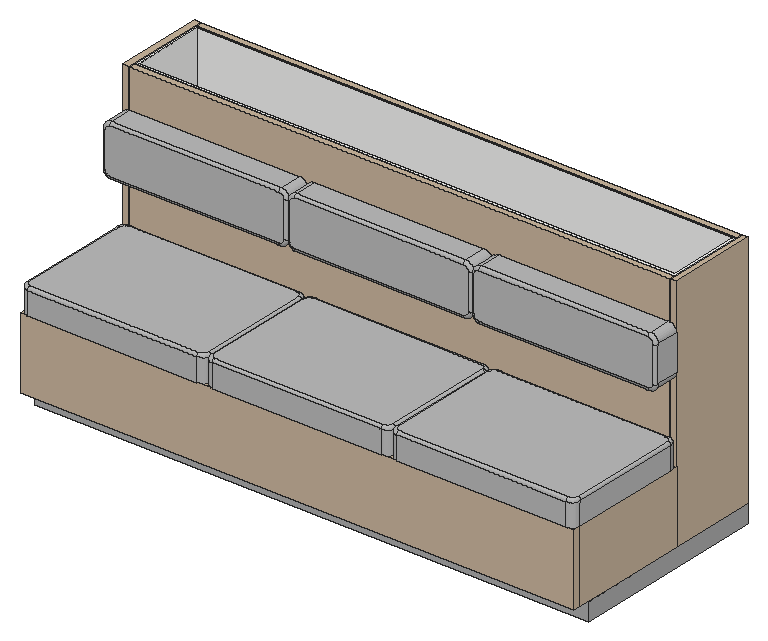
Revit family "Booth con Jardinera", category Sistemas de mobiliario, Revit 2024 (continued)
Automatic sketch dimensions
  Extrusion 56 sketch curve to Extrusion 56 sketch curve = 30.023 mm  (x2)
  Extrusion 56 sketch curve to Extrusion 56 sketch curve = 660.068 mm
  Extrusion 56 sketch curve to Extrusion 56 sketch curve = 0 mm
  Extrusion 56 sketch curve to Extrusion 56 sketch curve = 29.797 mm
  Extrusion 56 sketch curve to Extrusion 56 sketch curve = 439.955 mm
  Sweep 57 sketch curve to Sweep 57 sketch curve = 29.91 mm
  Sweep 57 sketch curve to Sweep 57 sketch curve = 30.023 mm  (x2)
  Sweep 57 sketch curve to Sweep 57 sketch curve = 0.113 mm  (x2)
  Sweep 57 sketch curve to Sweep 57 sketch curve = 30.135 mm
  Sweep 57 sketch curve to Sweep 57 sketch curve = 659.955 mm
  Sweep 57 sketch curve to Sweep 57 sketch curve = 0 mm  (x3)
  Sweep 57 sketch curve to Sweep 57 sketch curve = 29.797 mm
  Sweep 57 sketch curve to Sweep 57 sketch curve = 439.955 mm
  profile plane to Sweep 57 sketch curve = 0 mm  (x2)
  Sweep 57 sketch curve to profile plane = 10.607 mm
  profile plane to Sweep 57 sketch curve = 439.393 mm
  Sweep 57 sketch curve to Sweep 57 sketch curve = 10.607 mm
  Extrusion 50 sketch curve to Extrusion 50 sketch curve = 29.91 mm
  Extrusion 50 sketch curve to Extrusion 50 sketch curve = 0.113 mm  (x3)
  Extrusion 50 sketch curve to Extrusion 50 sketch curve = 30.023 mm  (x2)
  Extrusion 50 sketch curve to Extrusion 50 sketch curve = 660.068 mm
  Extrusion 50 sketch curve to Extrusion 50 sketch curve = 0 mm
  Extrusion 50 sketch curve to Extrusion 50 sketch curve = 29.797 mm
  Extrusion 50 sketch curve to Extrusion 50 sketch curve = 139.955 mm
  Extrusion 48 sketch curve to Extrusion 48 sketch curve = 29.91 mm
  Extrusion 48 sketch curve to Extrusion 48 sketch curve = 0.113 mm  (x3)
  Extrusion 48 sketch curve to Extrusion 48 sketch curve = 30.023 mm  (x2)
  Extrusion 48 sketch curve to Extrusion 48 sketch curve = 660.068 mm
  Extrusion 48 sketch curve to Extrusion 48 sketch curve = 0 mm
  Extrusion 48 sketch curve to Extrusion 48 sketch curve = 29.797 mm
  Extrusion 48 sketch curve to Extrusion 48 sketch curve = 139.955 mm
  Sweep 59 sketch curve to profile plane = 0 mm  (x2)
  Sweep 59 sketch curve to profile plane = 10.607 mm
  profile plane to Sweep 59 sketch curve = 439.393 mm
  Sweep 59 sketch curve to Sweep 59 sketch curve = 10.607 mm
  Sweep 59 sketch curve to Sweep 59 sketch curve = 0 mm  (x3)
  Sweep 59 sketch curve to Sweep 59 sketch curve = 29.91 mm
  Sweep 59 sketch curve to Sweep 59 sketch curve = 30.023 mm  (x2)
  Sweep 59 sketch curve to Sweep 59 sketch curve = 0.113 mm  (x2)
  Sweep 59 sketch curve to Sweep 59 sketch curve = 30.135 mm
  Sweep 59 sketch curve to Sweep 59 sketch curve = 659.955 mm
  Sweep 59 sketch curve to Sweep 59 sketch curve = 29.797 mm
  Sweep 59 sketch curve to Sweep 59 sketch curve = 139.955 mm
  Extrusion 58 sketch curve to Extrusion 58 sketch curve = 29.91 mm
  Extrusion 58 sketch curve to Extrusion 58 sketch curve = 0.113 mm  (x3)
  Extrusion 58 sketch curve to Extrusion 58 sketch curve = 30.023 mm  (x2)
  Extrusion 58 sketch curve to Extrusion 58 sketch curve = 660.068 mm
  Extrusion 58 sketch curve to Extrusion 58 sketch curve = 0 mm
  Extrusion 58 sketch curve to Extrusion 58 sketch curve = 29.797 mm
  Extrusion 58 sketch curve to Extrusion 58 sketch curve = 139.955 mm
  Sweep 61 sketch curve to profile plane = 0 mm  (x2)
  Sweep 61 sketch curve to profile plane = 10.607 mm
  profile plane to Sweep 61 sketch curve = 439.393 mm
  Sweep 61 sketch curve to Sweep 61 sketch curve = 10.607 mm
  Sweep 61 sketch curve to Sweep 61 sketch curve = 0 mm  (x3)
  Sweep 61 sketch curve to Sweep 61 sketch curve = 29.91 mm
  Sweep 61 sketch curve to Sweep 61 sketch curve = 30.023 mm  (x2)
  Sweep 61 sketch curve to Sweep 61 sketch curve = 0.113 mm  (x2)
  Sweep 61 sketch curve to Sweep 61 sketch curve = 30.135 mm
  Sweep 61 sketch curve to Sweep 61 sketch curve = 659.955 mm
  Sweep 61 sketch curve to Sweep 61 sketch curve = 29.797 mm
  Sweep 61 sketch curve to Sweep 61 sketch curve = 139.955 mm
  Extrusion 60 sketch curve to Extrusion 60 sketch curve = 29.91 mm
  Extrusion 60 sketch curve to Extrusion 60 sketch curve = 0.113 mm  (x3)
  Extrusion 60 sketch curve to Extrusion 60 sketch curve = 30.023 mm  (x2)
  Extrusion 60 sketch curve to Extrusion 60 sketch curve = 660.068 mm
  Extrusion 60 sketch curve to Extrusion 60 sketch curve = 0 mm
  Extrusion 60 sketch curve to Extrusion 60 sketch curve = 29.797 mm
  Extrusion 60 sketch curve to Extrusion 60 sketch curve = 139.955 mm
  Extrusion 1 sketch curve to plane 19 "Centro I/GG" = 0 mm
  Extrusion 1 sketch curve to plane 22 "Centro I/JJ" = 0 mm
  Extrusion 1 sketch curve to plane 2 "Centro (Izquierda/Derecha)" = 0 mm
  plane 22 "Centro I/JJ" to Extrusion 1 sketch curve = 25 mm
  Extrusion 1 sketch curve to plane 2 "Centro (Izquierda/Derecha)" = 25 mm
  plane 19 "Centro I/GG" to Extrusion 1 sketch curve = 25 mm
  Extrusion 1 sketch curve to plane 20 "Centro I/HH" = 95 mm
  Extrusion 1 sketch curve to Extrusion 1 sketch curve = 25 mm
  plane 22 "Centro I/JJ" to Extrusion 30 sketch curve = 25 mm
  Extrusion 30 sketch curve to plane 2 "Centro (Izquierda/Derecha)" = 25 mm
  Extrusion 30 sketch curve to plane 20 "Centro I/HH" = 25 mm
  plane 19 "Centro I/GG" to Extrusion 30 sketch curve = 25 mm
  Extrusion 31 sketch curve to plane 2 "Centro (Izquierda/Derecha)" = 25 mm
  level to Extrusion 31 sketch curve = 95 mm
  Extrusion 31 sketch curve to Extrusion 31 sketch curve = 255 mm
  plane 22 "Centro I/JJ" to Extrusion 31 sketch curve = 25 mm
  Extrusion 32 sketch curve to plane 2 "Centro (Izquierda/Derecha)" = 0 mm
  Extrusion 32 sketch curve to plane 22 "Centro I/JJ" = 0 mm
  level to Extrusion 32 sketch curve = 70 mm
  Extrusion 32 sketch curve to Extrusion 32 sketch curve = 280 mm
  Extrusion 33 sketch curve to plane 21 "Centro I/II" = 0 mm
  level to Extrusion 33 sketch curve = 70 mm
  Extrusion 33 sketch curve to Extrusion 33 sketch curve = 280 mm
  Extrusion 33 sketch curve to plane 20 "Centro I/HH" = 25 mm
  Extrusion 34 sketch curve to plane 21 "Centro I/II" = 0 mm
  level to Extrusion 34 sketch curve = 70 mm
  Extrusion 34 sketch curve to Extrusion 34 sketch curve = 280 mm
  Extrusion 34 sketch curve to plane 20 "Centro I/HH" = 25 mm
  plane 22 "Centro I/JJ" to Extrusion 35 sketch curve = 25 mm
  Extrusion 35 sketch curve to plane 2 "Centro (Izquierda/Derecha)" = 25 mm
  Extrusion 35 sketch curve to plane 20 "Centro I/HH" = 25 mm
  plane 21 "Centro I/II" to Extrusion 35 sketch curve = 25 mm
  Extrusion 36 sketch curve to plane 19 "Centro I/GG" = 0 mm
  Extrusion 36 sketch curve to plane 21 "Centro I/II" = 0 mm
  level to Extrusion 36 sketch curve = 70 mm
  Extrusion 36 sketch curve to Extrusion 36 sketch curve = 930 mm
  Extrusion 43 sketch curve to plane 2 "Centro (Izquierda/Derecha)" = 25 mm
  level to Extrusion 43 sketch curve = 70 mm
  Extrusion 43 sketch curve to Extrusion 43 sketch curve = 930 mm
  plane 22 "Centro I/JJ" to Extrusion 43 sketch curve = 25 mm
  Extrusion 44 sketch curve to plane 2 "Centro (Izquierda/Derecha)" = 25 mm
  level to Extrusion 44 sketch curve = 95 mm
  Extrusion 44 sketch curve to Extrusion 44 sketch curve = 905 mm
  plane 22 "Centro I/JJ" to Extrusion 44 sketch curve = 25 mm
  Extrusion 45 sketch curve to plane 19 "Centro I/GG" = 0 mm
  Extrusion 45 sketch curve to plane 21 "Centro I/II" = 0 mm
  level to Extrusion 45 sketch curve = 70 mm
  Extrusion 45 sketch curve to Extrusion 45 sketch curve = 930 mm
  plane 22 "Centro I/JJ" to Extrusion 62 sketch curve = 25 mm
  Extrusion 62 sketch curve to Extrusion 62 sketch curve = 9 mm  (x4)
  Extrusion 62 sketch curve to plane 2 "Centro (Izquierda/Derecha)" = 34 mm
  Extrusion 62 sketch curve to plane 21 "Centro I/II" = 25 mm
  plane 19 "Centro I/GG" to Extrusion 62 sketch curve = 34 mm
  plane 19 "Centro I/GG" to Extrusion 63 sketch curve = 34 mm
  Extrusion 63 sketch curve to plane 21 "Centro I/II" = 34 mm
  plane 22 "Centro I/JJ" to Extrusion 63 sketch curve = 34 mm
  Extrusion 63 sketch curve to plane 2 "Centro (Izquierda/Derecha)" = 34 mm
  Extrusion 64 sketch curve to plane 3 "Centro I/K" = 12.5 mm
  plane 3 "Centro I/K" to Extrusion 64 sketch curve = 12.5 mm
  Extrusion 64 sketch curve to plane 20 "Centro I/HH" = 95 mm
  plane 19 "Centro I/GG" to Extrusion 64 sketch curve = 25 mm
  Extrusion 65 sketch curve to plane 18 "Centro I/V" = 12.5 mm
  plane 18 "Centro I/V" to Extrusion 65 sketch curve = 12.5 mm
  Extrusion 65 sketch curve to plane 20 "Centro I/HH" = 95 mm
  plane 19 "Centro I/GG" to Extrusion 65 sketch curve = 25 mm
